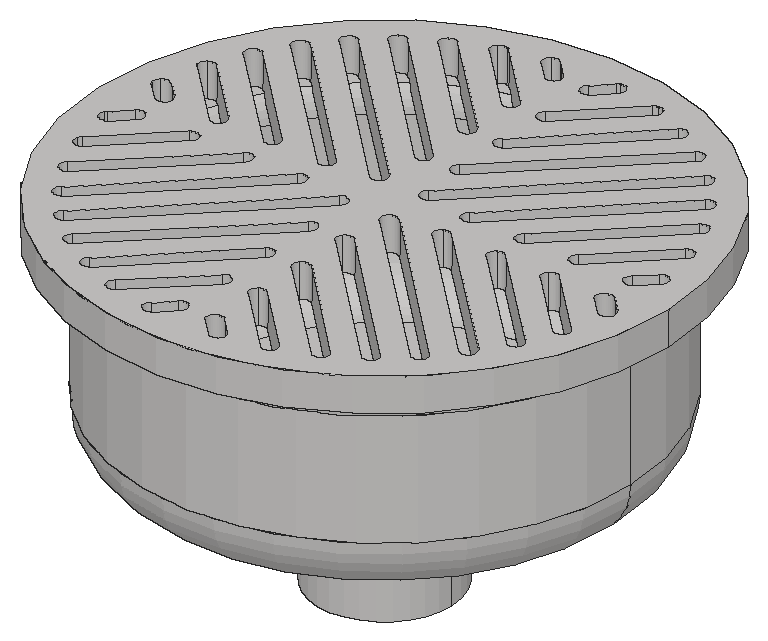
Revit family
Parameters (values of type "9620-2"")
  Width = 10"
  Waste Connection Radius = 1"
  Waste Connection Diameter = Waste Connection Radius * 2  # 2"
  Waste Connection = yes
  Vent Connection = no
  URL = "www.jrsmith.com"
  Price = "Prices may vary. Please consult Manufacturer Representative for most up-to-date price list."  # constant formula
  Phone Number = "416-250-5656"  # constant formula
  Omniclass Table 23 Title = "Waste Water Drains"  # constant formula
  Omniclass Table 23 Code = "23.70.50.21.24"  # constant formula
  Model = "9620-2\""
  Material = Metal-Jay R Smith-Stainless Steel
  Masterformat Title = "Sanitary Drains"  # constant formula
  Masterformat Number = "22 13 19.13"  # constant formula
  Manufacturer = "Jay R. Smith"
  Length = Width  # 10"
  Height = 6"
  HW Connection = no
  Description = "10\" Round top general purpose floor drain for medium duty use."
  Default Elevation = 0"
  Creation Date = "27/10/2014"  # constant formula
  Created By = "Allied Technical Services"  # constant formula
  CW Connection = no
  Assembly Code = "D2030300"
  ATS URL = "http://www.atsspec.net"
Types (10): name | Waste Connection Radius | Waste Connection Diameter | Model | Height
  (no name) | 1" | 2" | "9620-2\"" | 6"
  9620-2" | 1" | 2" | "9620-2\"" | 6"
  9620-3" | 1 1/2" | 3" | "9620-3\"" | 6"
  9620-4" | 2" | 4" | "9620-4\"" | 6"
  9621-2" | 1" | 2" | "9621-2\"" | 8"
  9621-3" | 1 1/2" | 3" | "9621-3\"" | 8"
  9621-4" | 2" | 4" | "9621-4\"" | 8"
  9622-2" | 1" | 2" | "9622-2\"" | 10"
  9622-3" | 1 1/2" | 3" | "9622-3\"" | 10"
  9622-4" | 2" | 4" | "9622-4\"" | 10"
Reference planes (in)
  plane 1 "Center (Front/Back)": y = 0
  plane 2: z = 0
  plane 3 "Center (Left/Right)": x = 0
  plane 4: x = -5
  plane 5: x = 5
  plane 6: z = 6
  plane 7: z = 2
  plane 8: x = -1
  plane 9: x = 1
  plane 10: z = 5.41801
  plane 11: y = 0
  plane 12: through (-3.22617, 3.22617, 48) normal (-0.7071, -0.7071, 0)
  plane 13: x = 0
Forms (in)
  Revolve 1, solid, material "Metal-Jay R Smith-Stainless Steel" <- "Material"
    sketch origin (0, 0, 0) x (1, 0, 0) y (0, 0, 1)
      loop
        line (-1, 0) -> (-1, 2.1875) -> (-3.33186, 2.1875)
        arc (-3.33186, 2.1875) -> (-3.90639, 2.42548) -> (-4.14436, 3) r 0.8125
        line (-4.14436, 3) -> (-4.14436, 5)
        arc (-4.14436, 5) -> (-4.18778, 5.22515) -> (-4.3118, 5.41801) r 0.60551
        line (-4.3118, 5.41801) -> (-4.74987, 5.41801)
        arc (-4.74987, 5.41801) -> (-4.45429, 5.29558) -> (-4.33186, 5) r 0.41801
        line (-4.33186, 5) -> (-4.33186, 3)
        arc (-4.33186, 3) -> (-4.03897, 2.29289) -> (-3.33186, 2) r 1
        line (-3.33186, 2) -> (-1.18677, 2) -> (-1.18677, 0) -> (-1, 0)
      axis (0, 5.41801) -> (0, 0)
    angle from 0 to 360
  Extrusion 2, solid, material "Metal-Jay R Smith-Stainless Steel" <- "Material"
    sketch origin (-47.50357, -53.89107, 0) x (1, 0, 0) y (0, 1, 0)
      loop
        circle (47.50357, 53.89107) r 5
      loop
        arc (46.14145, 54.10414) -> (46.22873, 54.06348) -> (46.3217, 54.08849) r 0.14063
        arc (46.3217, 54.08849) -> (46.38099, 54.19141) -> (46.34033, 54.30301) r 0.14063
        line (46.34033, 54.30301) -> (44.03748, 56.60586)
        arc (44.03748, 56.60586) -> (43.83861, 56.60586) -> (43.83861, 56.40698) r 0.14062
        line (43.83861, 56.40698) -> (46.14145, 54.10414)
      loop
        arc (45.19128, 54.10414) -> (45.27855, 54.06348) -> (45.37153, 54.08849) r 0.14063
        arc (45.37153, 54.08849) -> (45.43081, 54.19141) -> (45.39015, 54.30301) r 0.14063
        line (45.39015, 54.30301) -> (43.67396, 56.0192)
        arc (43.67396, 56.0192) -> (43.47509, 56.0192) -> (43.47509, 55.82033) r 0.14062
        line (43.47509, 55.82033) -> (45.19128, 54.10414)
      loop
        arc (44.2411, 54.10414) -> (44.34524, 54.06303) -> (44.44639, 54.111) r 0.14063
        arc (44.44639, 54.111) -> (44.48109, 54.20827) -> (44.43998, 54.30301) r 0.14063
        line (44.43998, 54.30301) -> (43.39466, 55.34833)
        arc (43.39466, 55.34833) -> (43.30158, 55.3893) -> (43.20522, 55.3568) r 0.14062
        arc (43.20522, 55.3568) -> (43.16147, 55.292) -> (43.15909, 55.21384) r 0.14063
        arc (43.15909, 55.21384) -> (43.17319, 55.17906) -> (43.19599, 55.14925) r 0.14063
        line (43.19599, 55.14925) -> (44.2411, 54.10414)
      loop
        arc (43.29104, 54.10403) -> (43.4899, 54.10423) -> (43.48972, 54.30309) r 0.14063
        line (43.48972, 54.30309) -> (43.21968, 54.57314)
        arc (43.21968, 54.57314) -> (43.11393, 54.61418) -> (43.01229, 54.56382) r 0.14063
        arc (43.01229, 54.56382) -> (42.98084, 54.49223) -> (42.99249, 54.41491) r 0.14063
        arc (42.99249, 54.41491) -> (43.00485, 54.39333) -> (43.0208, 54.37426) r 0.14062
        line (43.0208, 54.37426) -> (43.29104, 54.10403)
      loop
        arc (46.96663, 54.22914) -> (47.1655, 54.22914) -> (47.1655, 54.42801) r 0.14063
        line (47.1655, 54.42801) -> (44.47626, 57.11725)
        arc (44.47626, 57.11725) -> (44.27739, 57.11725) -> (44.27739, 56.91837) r 0.14063
        line (44.27739, 56.91837) -> (46.96663, 54.22914)
      loop
        line (47.2905, 55.25319) -> (44.98766, 57.55603)
        arc (44.98766, 57.55603) -> (44.78878, 57.55603) -> (44.78878, 57.35716) r 0.14062
        line (44.78878, 57.35716) -> (47.09163, 55.05431)
        arc (47.09163, 55.05431) -> (47.20323, 55.01365) -> (47.30615, 55.07294) r 0.14063
        arc (47.30615, 55.07294) -> (47.33116, 55.16591) -> (47.2905, 55.25319) r 0.14063
      loop
        line (47.2905, 56.20336) -> (45.57431, 57.91955)
        arc (45.57431, 57.91955) -> (45.37543, 57.91955) -> (45.37543, 57.72068) r 0.14062
        line (45.37543, 57.72068) -> (47.09163, 56.00449)
        arc (47.09163, 56.00449) -> (47.20323, 55.96383) -> (47.30615, 56.02311) r 0.14063
        arc (47.30615, 56.02311) -> (47.33116, 56.11609) -> (47.2905, 56.20336) r 0.14063
      loop
        line (47.2905, 57.15353) -> (46.24539, 58.19865)
        arc (46.24539, 58.19865) -> (46.21558, 58.22145) -> (46.1808, 58.23555) r 0.14063
        arc (46.1808, 58.23555) -> (46.10264, 58.23317) -> (46.03784, 58.18942) r 0.14063
        arc (46.03784, 58.18942) -> (46.00534, 58.09306) -> (46.04631, 57.99998) r 0.14062
        line (46.04631, 57.99998) -> (47.09163, 56.95466)
        arc (47.09163, 56.95466) -> (47.18637, 56.91355) -> (47.28364, 56.94824) r 0.14063
        arc (47.28364, 56.94824) -> (47.33161, 57.0494) -> (47.2905, 57.15353) r 0.14063
      loop
        line (47.29061, 58.1036) -> (47.02038, 58.37383)
        arc (47.02038, 58.37383) -> (47.00131, 58.38979) -> (46.97973, 58.40214) r 0.14062
        arc (46.97973, 58.40214) -> (46.90241, 58.4138) -> (46.83082, 58.38235) r 0.14063
        arc (46.83082, 58.38235) -> (46.78046, 58.28071) -> (46.8215, 58.17496) r 0.14063
        line (46.8215, 58.17496) -> (47.09155, 57.90492)
        arc (47.09155, 57.90492) -> (47.29041, 57.90474) -> (47.29061, 58.1036) r 0.14063
      loop
        line (48.86568, 54.10414) -> (51.16852, 56.40698)
        arc (51.16852, 56.40698) -> (51.16852, 56.60586) -> (50.96965, 56.60586) r 0.14062
        line (50.96965, 56.60586) -> (48.6668, 54.30301)
        arc (48.6668, 54.30301) -> (48.62614, 54.19141) -> (48.68543, 54.08849) r 0.14063
        arc (48.68543, 54.08849) -> (48.7784, 54.06348) -> (48.86568, 54.10414) r 0.14063
      loop
        line (49.81585, 54.10414) -> (51.53205, 55.82033)
        arc (51.53205, 55.82033) -> (51.53205, 56.0192) -> (51.33317, 56.0192) r 0.14062
        line (51.33317, 56.0192) -> (49.61698, 54.30301)
        arc (49.61698, 54.30301) -> (49.57632, 54.19141) -> (49.63561, 54.08849) r 0.14063
        arc (49.63561, 54.08849) -> (49.72858, 54.06348) -> (49.81585, 54.10414) r 0.14063
      loop
        line (50.76603, 54.10414) -> (51.81114, 55.14925)
        arc (51.81114, 55.14925) -> (51.83394, 55.17906) -> (51.84804, 55.21384) r 0.14063
        arc (51.84804, 55.21384) -> (51.84566, 55.292) -> (51.80192, 55.3568) r 0.14063
        arc (51.80192, 55.3568) -> (51.70555, 55.3893) -> (51.61247, 55.34833) r 0.14062
        line (51.61247, 55.34833) -> (50.56715, 54.30301)
        arc (50.56715, 54.30301) -> (50.52604, 54.20827) -> (50.56074, 54.111) r 0.14063
        arc (50.56074, 54.111) -> (50.66189, 54.06303) -> (50.76603, 54.10414) r 0.14063
      loop
        line (51.71609, 54.10403) -> (51.98633, 54.37426)
        arc (51.98633, 54.37426) -> (52.00229, 54.39333) -> (52.01464, 54.41491) r 0.14062
        arc (52.01464, 54.41491) -> (52.02629, 54.49223) -> (51.99484, 54.56382) r 0.14063
        arc (51.99484, 54.56382) -> (51.8932, 54.61418) -> (51.78745, 54.57314) r 0.14063
        line (51.78745, 54.57314) -> (51.51741, 54.30309)
        arc (51.51741, 54.30309) -> (51.51723, 54.10423) -> (51.71609, 54.10403) r 0.14063
      loop
        line (48.0405, 54.22914) -> (50.72974, 56.91837)
        arc (50.72974, 56.91837) -> (50.72974, 57.11725) -> (50.53087, 57.11725) r 0.14063
        line (50.53087, 57.11725) -> (47.84163, 54.42801)
        arc (47.84163, 54.42801) -> (47.84163, 54.22914) -> (48.0405, 54.22914) r 0.14063
      loop
        arc (47.71663, 55.25319) -> (47.67597, 55.16591) -> (47.70098, 55.07294) r 0.14063
        arc (47.70098, 55.07294) -> (47.8039, 55.01365) -> (47.9155, 55.05431) r 0.14063
        line (47.9155, 55.05431) -> (50.21835, 57.35716)
        arc (50.21835, 57.35716) -> (50.21835, 57.55603) -> (50.01947, 57.55603) r 0.14062
        line (50.01947, 57.55603) -> (47.71663, 55.25319)
      loop
        arc (47.71663, 56.20336) -> (47.67597, 56.11609) -> (47.70098, 56.02311) r 0.14063
        arc (47.70098, 56.02311) -> (47.8039, 55.96383) -> (47.9155, 56.00449) r 0.14063
        line (47.9155, 56.00449) -> (49.6317, 57.72068)
        arc (49.6317, 57.72068) -> (49.6317, 57.91955) -> (49.43282, 57.91955) r 0.14062
        line (49.43282, 57.91955) -> (47.71663, 56.20336)
      loop
        arc (47.71663, 57.15353) -> (47.67552, 57.0494) -> (47.72349, 56.94824) r 0.14063
        arc (47.72349, 56.94824) -> (47.82076, 56.91355) -> (47.9155, 56.95466) r 0.14063
        line (47.9155, 56.95466) -> (48.96082, 57.99998)
        arc (48.96082, 57.99998) -> (49.00179, 58.09306) -> (48.96929, 58.18942) r 0.14062
        arc (48.96929, 58.18942) -> (48.90449, 58.23317) -> (48.82633, 58.23555) r 0.14063
        arc (48.82633, 58.23555) -> (48.79155, 58.22145) -> (48.76174, 58.19865) r 0.14063
        line (48.76174, 58.19865) -> (47.71663, 57.15353)
      loop
        arc (47.71652, 58.1036) -> (47.71672, 57.90474) -> (47.91558, 57.90492) r 0.14063
        line (47.91558, 57.90492) -> (48.18563, 58.17496)
        arc (48.18563, 58.17496) -> (48.22667, 58.28071) -> (48.17631, 58.38235) r 0.14063
        arc (48.17631, 58.38235) -> (48.10472, 58.4138) -> (48.0274, 58.40214) r 0.14063
        arc (48.0274, 58.40214) -> (48.00582, 58.38979) -> (47.98675, 58.37383) r 0.14062
        line (47.98675, 58.37383) -> (47.71652, 58.1036)
      loop
        line (46.14145, 53.67801) -> (43.83861, 51.37516)
        arc (43.83861, 51.37516) -> (43.83861, 51.17629) -> (44.03748, 51.17629) r 0.14062
        line (44.03748, 51.17629) -> (46.34033, 53.47914)
        arc (46.34033, 53.47914) -> (46.38099, 53.59074) -> (46.3217, 53.69366) r 0.14063
        arc (46.3217, 53.69366) -> (46.22873, 53.71867) -> (46.14145, 53.67801) r 0.14063
      loop
        line (45.19128, 53.67801) -> (43.47509, 51.96182)
        arc (43.47509, 51.96182) -> (43.47509, 51.76294) -> (43.67396, 51.76294) r 0.14062
        line (43.67396, 51.76294) -> (45.39015, 53.47914)
        arc (45.39015, 53.47914) -> (45.43081, 53.59074) -> (45.37153, 53.69366) r 0.14063
        arc (45.37153, 53.69366) -> (45.27855, 53.71867) -> (45.19128, 53.67801) r 0.14063
      loop
        line (44.2411, 53.67801) -> (43.19599, 52.6329)
        arc (43.19599, 52.6329) -> (43.17319, 52.60308) -> (43.15909, 52.5683) r 0.14063
        arc (43.15909, 52.5683) -> (43.16147, 52.49015) -> (43.20522, 52.42535) r 0.14063
        arc (43.20522, 52.42535) -> (43.30158, 52.39285) -> (43.39466, 52.43382) r 0.14062
        line (43.39466, 52.43382) -> (44.43998, 53.47914)
        arc (44.43998, 53.47914) -> (44.48109, 53.57388) -> (44.44639, 53.67115) r 0.14063
        arc (44.44639, 53.67115) -> (44.34524, 53.71912) -> (44.2411, 53.67801) r 0.14063
      loop
        line (43.29104, 53.67812) -> (43.0208, 53.40789)
        arc (43.0208, 53.40789) -> (43.00485, 53.38882) -> (42.99249, 53.36724) r 0.14062
        arc (42.99249, 53.36724) -> (42.98084, 53.28992) -> (43.01229, 53.21833) r 0.14063
        arc (43.01229, 53.21833) -> (43.11393, 53.16797) -> (43.21968, 53.20901) r 0.14063
        line (43.21968, 53.20901) -> (43.48972, 53.47906)
        arc (43.48972, 53.47906) -> (43.4899, 53.67791) -> (43.29104, 53.67812) r 0.14063
      loop
        line (46.96663, 53.55301) -> (44.27739, 50.86377)
        arc (44.27739, 50.86377) -> (44.27739, 50.6649) -> (44.47626, 50.6649) r 0.14063
        line (44.47626, 50.6649) -> (47.1655, 53.35414)
        arc (47.1655, 53.35414) -> (47.1655, 53.55301) -> (46.96663, 53.55301) r 0.14063
      loop
        arc (47.2905, 52.52896) -> (47.33116, 52.61623) -> (47.30615, 52.70921) r 0.14063
        arc (47.30615, 52.70921) -> (47.20323, 52.7685) -> (47.09163, 52.72784) r 0.14063
        line (47.09163, 52.72784) -> (44.78878, 50.42499)
        arc (44.78878, 50.42499) -> (44.78878, 50.22612) -> (44.98766, 50.22612) r 0.14062
        line (44.98766, 50.22612) -> (47.2905, 52.52896)
      loop
        arc (47.2905, 51.57879) -> (47.33116, 51.66606) -> (47.30615, 51.75903) r 0.14063
        arc (47.30615, 51.75903) -> (47.20323, 51.81832) -> (47.09163, 51.77766) r 0.14063
        line (47.09163, 51.77766) -> (45.37543, 50.06147)
        arc (45.37543, 50.06147) -> (45.37543, 49.86259) -> (45.57431, 49.86259) r 0.14062
        line (45.57431, 49.86259) -> (47.2905, 51.57879)
      loop
        arc (47.2905, 50.62861) -> (47.33161, 50.73275) -> (47.28364, 50.8339) r 0.14063
        arc (47.28364, 50.8339) -> (47.18637, 50.8686) -> (47.09163, 50.82749) r 0.14063
        line (47.09163, 50.82749) -> (46.04631, 49.78217)
        arc (46.04631, 49.78217) -> (46.00534, 49.68909) -> (46.03784, 49.59272) r 0.14062
        arc (46.03784, 49.59272) -> (46.10264, 49.54897) -> (46.1808, 49.5466) r 0.14063
        arc (46.1808, 49.5466) -> (46.21558, 49.5607) -> (46.24539, 49.5835) r 0.14063
        line (46.24539, 49.5835) -> (47.2905, 50.62861)
      loop
        arc (47.29061, 49.67855) -> (47.29041, 49.87741) -> (47.09155, 49.87723) r 0.14063
        line (47.09155, 49.87723) -> (46.8215, 49.60719)
        arc (46.8215, 49.60719) -> (46.78046, 49.50144) -> (46.83082, 49.39979) r 0.14063
        arc (46.83082, 49.39979) -> (46.90241, 49.36835) -> (46.97973, 49.38) r 0.14063
        arc (46.97973, 49.38) -> (47.00131, 49.39235) -> (47.02038, 49.40831) r 0.14062
        line (47.02038, 49.40831) -> (47.29061, 49.67855)
      loop
        arc (48.86568, 53.67801) -> (48.7784, 53.71867) -> (48.68543, 53.69366) r 0.14063
        arc (48.68543, 53.69366) -> (48.62614, 53.59074) -> (48.6668, 53.47914) r 0.14063
        line (48.6668, 53.47914) -> (50.96965, 51.17629)
        arc (50.96965, 51.17629) -> (51.16852, 51.17629) -> (51.16852, 51.37516) r 0.14062
        line (51.16852, 51.37516) -> (48.86568, 53.67801)
      loop
        arc (49.81585, 53.67801) -> (49.72858, 53.71867) -> (49.63561, 53.69366) r 0.14063
        arc (49.63561, 53.69366) -> (49.57632, 53.59074) -> (49.61698, 53.47914) r 0.14063
        line (49.61698, 53.47914) -> (51.33317, 51.76294)
        arc (51.33317, 51.76294) -> (51.53205, 51.76294) -> (51.53205, 51.96182) r 0.14062
        line (51.53205, 51.96182) -> (49.81585, 53.67801)
      loop
        arc (50.76603, 53.67801) -> (50.66189, 53.71912) -> (50.56074, 53.67115) r 0.14063
        arc (50.56074, 53.67115) -> (50.52604, 53.57388) -> (50.56715, 53.47914) r 0.14063
        line (50.56715, 53.47914) -> (51.61247, 52.43382)
        arc (51.61247, 52.43382) -> (51.70555, 52.39285) -> (51.80192, 52.42535) r 0.14062
        arc (51.80192, 52.42535) -> (51.84566, 52.49015) -> (51.84804, 52.5683) r 0.14063
        arc (51.84804, 52.5683) -> (51.83394, 52.60308) -> (51.81114, 52.6329) r 0.14063
        line (51.81114, 52.6329) -> (50.76603, 53.67801)
      loop
        arc (51.71609, 53.67812) -> (51.51723, 53.67791) -> (51.51741, 53.47906) r 0.14063
        line (51.51741, 53.47906) -> (51.78745, 53.20901)
        arc (51.78745, 53.20901) -> (51.8932, 53.16797) -> (51.99484, 53.21833) r 0.14063
        arc (51.99484, 53.21833) -> (52.02629, 53.28992) -> (52.01464, 53.36724) r 0.14063
        arc (52.01464, 53.36724) -> (52.00229, 53.38882) -> (51.98633, 53.40789) r 0.14062
        line (51.98633, 53.40789) -> (51.71609, 53.67812)
      loop
        arc (48.0405, 53.55301) -> (47.84163, 53.55301) -> (47.84163, 53.35414) r 0.14063
        line (47.84163, 53.35414) -> (50.53087, 50.6649)
        arc (50.53087, 50.6649) -> (50.72974, 50.6649) -> (50.72974, 50.86377) r 0.14063
        line (50.72974, 50.86377) -> (48.0405, 53.55301)
      loop
        line (47.71663, 52.52896) -> (50.01947, 50.22612)
        arc (50.01947, 50.22612) -> (50.21835, 50.22612) -> (50.21835, 50.42499) r 0.14062
        line (50.21835, 50.42499) -> (47.9155, 52.72784)
        arc (47.9155, 52.72784) -> (47.8039, 52.7685) -> (47.70098, 52.70921) r 0.14063
        arc (47.70098, 52.70921) -> (47.67597, 52.61623) -> (47.71663, 52.52896) r 0.14063
      loop
        line (47.71663, 51.57879) -> (49.43282, 49.86259)
        arc (49.43282, 49.86259) -> (49.6317, 49.86259) -> (49.6317, 50.06147) r 0.14062
        line (49.6317, 50.06147) -> (47.9155, 51.77766)
        arc (47.9155, 51.77766) -> (47.8039, 51.81832) -> (47.70098, 51.75903) r 0.14063
        arc (47.70098, 51.75903) -> (47.67597, 51.66606) -> (47.71663, 51.57879) r 0.14063
      loop
        line (47.71663, 50.62861) -> (48.76174, 49.5835)
        arc (48.76174, 49.5835) -> (48.79155, 49.5607) -> (48.82633, 49.5466) r 0.14063
        arc (48.82633, 49.5466) -> (48.90449, 49.54897) -> (48.96929, 49.59272) r 0.14063
        arc (48.96929, 49.59272) -> (49.00179, 49.68909) -> (48.96082, 49.78217) r 0.14062
        line (48.96082, 49.78217) -> (47.9155, 50.82749)
        arc (47.9155, 50.82749) -> (47.82076, 50.8686) -> (47.72349, 50.8339) r 0.14063
        arc (47.72349, 50.8339) -> (47.67552, 50.73275) -> (47.71663, 50.62861) r 0.14063
      loop
        line (47.71652, 49.67855) -> (47.98675, 49.40831)
        arc (47.98675, 49.40831) -> (48.00582, 49.39235) -> (48.0274, 49.38) r 0.14062
        arc (48.0274, 49.38) -> (48.10472, 49.36835) -> (48.17631, 49.39979) r 0.14063
        arc (48.17631, 49.39979) -> (48.22667, 49.50144) -> (48.18563, 49.60719) r 0.14063
        line (48.18563, 49.60719) -> (47.91558, 49.87723)
        arc (47.91558, 49.87723) -> (47.71672, 49.87741) -> (47.71652, 49.67855) r 0.14063
    from 5.41801 to 6
Dimensions and locks (in)
  "Height": plane 6 to plane 2
  "Waste Connection Diameter": plane 9 to plane 8
  "Width": plane 5 to plane 4
  plane 7 to level = 2"
  equal spacing: plane 9, plane 3 "Center (Left/Right)", plane 8
  equal spacing: plane 5, plane 3 "Center (Left/Right)", plane 4
  plane 6 to plane 7 = 4"
  locked: plane 6 to plane 10 at 0.58199
  aligned and locked: plane 8 to Revolve 1 sketch curve
  aligned and locked: Extrusion 2 to plane 10
  aligned and locked: plane 6 to Extrusion 2
Automatic sketch dimensions
  Revolve 1 sketch curve to Revolve 1 sketch curve = 0"  (x5)
  Revolve 1 sketch curve to plane 7 = 0"
  Revolve 1 sketch curve to level = 0"
  Revolve 1 sketch curve to plane 3 "Center (Left/Right)" = 0"
  Revolve 1 sketch curve to plane 8 = 0.18677"
  plane 7 to Revolve 1 sketch curve = 3/16"
  plane 4 to Revolve 1 sketch curve = 1.66814"
  plane 4 to Revolve 1 sketch curve = 0.85564"
  Revolve 1 sketch curve to Revolve 1 sketch curve = 0.02007"
  Revolve 1 sketch curve to level = 1 1/2"
  Revolve 1 sketch curve to Revolve 1 sketch curve = 1.62049"
  Revolve 1 sketch curve to plane 6 = 1"
  Extrusion 2 sketch curve to Extrusion 2 sketch curve = 0"  (x129)
  plane 12 to Extrusion 2 sketch curve = 0"  (x5)
  plane 11 to Extrusion 2 sketch curve = 0"
  plane 13 to Extrusion 2 sketch curve = 0.19741"  (x4)
  plane 13 to Extrusion 2 sketch curve = 0.21295"  (x2)
  plane 13 to Extrusion 2 sketch curve = 0.21306"  (x2)
  Extrusion 2 sketch curve to Extrusion 2 sketch curve = 0.01565"  (x9)
  Extrusion 2 sketch curve to Extrusion 2 sketch curve = 0.00686"  (x5)
  Extrusion 2 sketch curve to Extrusion 2 sketch curve = 0.11509"  (x8)
  Extrusion 2 sketch curve to Extrusion 2 sketch curve = 0.09955"  (x4)
  Extrusion 2 sketch curve to Extrusion 2 sketch curve = 0.09944"  (x128)
  Extrusion 2 sketch curve to Extrusion 2 sketch curve = 0.09258"  (x3)
  plane 13 to Extrusion 2 sketch curve = 0.33806"  (x2)
  Extrusion 2 sketch curve to Extrusion 2 sketch curve = 0.09952"  (x5)
  Extrusion 2 sketch curve to Extrusion 2 sketch curve = 0.27024"  (x4)
  Extrusion 2 sketch curve to Extrusion 2 sketch curve = 0.04065"  (x6)
  Extrusion 2 sketch curve to Extrusion 2 sketch curve = 0.05879"  (x2)
  Extrusion 2 sketch curve to Extrusion 2 sketch curve = 0.09012"  (x4)
  Extrusion 2 sketch curve to plane 11 = 0.41194"  (x4)
  Extrusion 2 sketch curve to Extrusion 2 sketch curve = 0.6263"  (x6)
  Extrusion 2 sketch curve to Extrusion 2 sketch curve = 0.01863"  (x12)
  Extrusion 2 sketch curve to Extrusion 2 sketch curve = 0.57612"  (x4)
  Extrusion 2 sketch curve to Extrusion 2 sketch curve = 0.08081"
  Extrusion 2 sketch curve to Extrusion 2 sketch curve = 0.06459"  (x4)
  Extrusion 2 sketch curve to Extrusion 2 sketch curve = 0.03497"  (x4)
  plane 11 to Extrusion 2 sketch curve = 0.21306"  (x3)
  Extrusion 2 sketch curve to plane 11 = 0.21306"  (x3)
  Extrusion 2 sketch curve to Extrusion 2 sketch curve = 0.09951"  (x4)
  Extrusion 2 sketch curve to Extrusion 2 sketch curve = 0.10798"  (x4)
  Extrusion 2 sketch curve to Extrusion 2 sketch curve = 0.472"  (x4)
  Extrusion 2 sketch curve to Extrusion 2 sketch curve = 0.7513"  (x6)
  Extrusion 2 sketch curve to Extrusion 2 sketch curve = 0.38778"  (x7)
  Extrusion 2 sketch curve to Extrusion 2 sketch curve = 5/16"  (x7)
  plane 11 to Extrusion 2 sketch curve = 0.21992"  (x2)
  Extrusion 2 sketch curve to Extrusion 2 sketch curve = 0.74488"  (x4)
  plane 11 to Extrusion 2 sketch curve = 0.41194"  (x4)
  Extrusion 2 sketch curve to Extrusion 2 sketch curve = 0.00642"  (x7)
  Extrusion 2 sketch curve to Extrusion 2 sketch curve = 0.10585"  (x4)
  Extrusion 2 sketch curve to Extrusion 2 sketch curve = 0.23991"  (x8)
  Extrusion 2 sketch curve to Extrusion 2 sketch curve = 0.16465"  (x8)
  Extrusion 2 sketch curve to plane 11 = 0.41202"  (x2)
  Extrusion 2 sketch curve to Extrusion 2 sketch curve = 0.75138"  (x8)
  plane 11 to Extrusion 2 sketch curve = 0.41202"  (x2)
  Extrusion 2 sketch curve to plane 11 = 1.92926"  (x2)
  Extrusion 2 sketch curve to Extrusion 2 sketch curve = 0.08043"  (x8)
  Extrusion 2 sketch curve to plane 11 = 1.45726"  (x2)
  Extrusion 2 sketch curve to Extrusion 2 sketch curve = 0.09936"  (x16)
  plane 11 to Extrusion 2 sketch curve = 0.21295"
  Extrusion 2 sketch curve to Extrusion 2 sketch curve = 0.09933"  (x4)
  Extrusion 2 sketch curve to plane 11 = 0.68206"
  Extrusion 2 sketch curve to Extrusion 2 sketch curve = 0.27004"  (x8)
  plane 11 to Extrusion 2 sketch curve = 0.68206"  (x2)
  Extrusion 2 sketch curve to Extrusion 2 sketch curve = 0.09008"  (x4)
  Extrusion 2 sketch curve to plane 11 = 1.25818"  (x2)
  Extrusion 2 sketch curve to Extrusion 2 sketch curve = 0.09931"  (x4)
  Extrusion 2 sketch curve to Extrusion 2 sketch curve = 0.0369"  (x4)
  Extrusion 2 sketch curve to plane 11 = 0.48319"  (x2)
  plane 11 to Extrusion 2 sketch curve = 0.48319"  (x2)
  Extrusion 2 sketch curve to Extrusion 2 sketch curve = 0.10796"  (x4)
  Extrusion 2 sketch curve to Extrusion 2 sketch curve = 0.02831"  (x4)
  Extrusion 2 sketch curve to plane 13 = 0.19741"  (x4)
  Extrusion 2 sketch curve to plane 13 = 0.21295"  (x2)
  Extrusion 2 sketch curve to plane 13 = 0.21306"  (x2)
  Extrusion 2 sketch curve to plane 13 = 0.33806"  (x2)
  plane 11 to Extrusion 2 sketch curve = 0.33806"
  Extrusion 2 sketch curve to plane 11 = 0.21992"
  plane 11 to Extrusion 2 sketch curve = 1.92926"
  plane 11 to Extrusion 2 sketch curve = 1.45726"
  Extrusion 2 sketch curve to plane 11 = 0.21295"  (x2)
  Extrusion 2 sketch curve to Extrusion 2 sketch curve = 2.62609"
  Extrusion 2 sketch curve to Extrusion 2 sketch curve = 0.06315"
  Extrusion 2 sketch curve to Extrusion 2 sketch curve = 0.19887"  (x3)
  Extrusion 2 sketch curve to Extrusion 2 sketch curve = 0.46353"
  Extrusion 2 sketch curve to Extrusion 2 sketch curve = 0.00847"  (x2)
  Extrusion 2 sketch curve to Extrusion 2 sketch curve = 0.76993"
  Extrusion 2 sketch curve to Extrusion 2 sketch curve = 0.18955"  (x2)
  plane 11 to Extrusion 2 sketch curve = 0.53694"
  Extrusion 2 sketch curve to plane 11 = 0.19741"  (x2)
  Extrusion 2 sketch curve to plane 11 = 0.33806"
  radius of Extrusion 2 sketch curve = 5"
Connectors (in)
  piping at (0, 0, 0), driven by "Waste Connection Radius"
    settings: on Revolve 1, index 1
